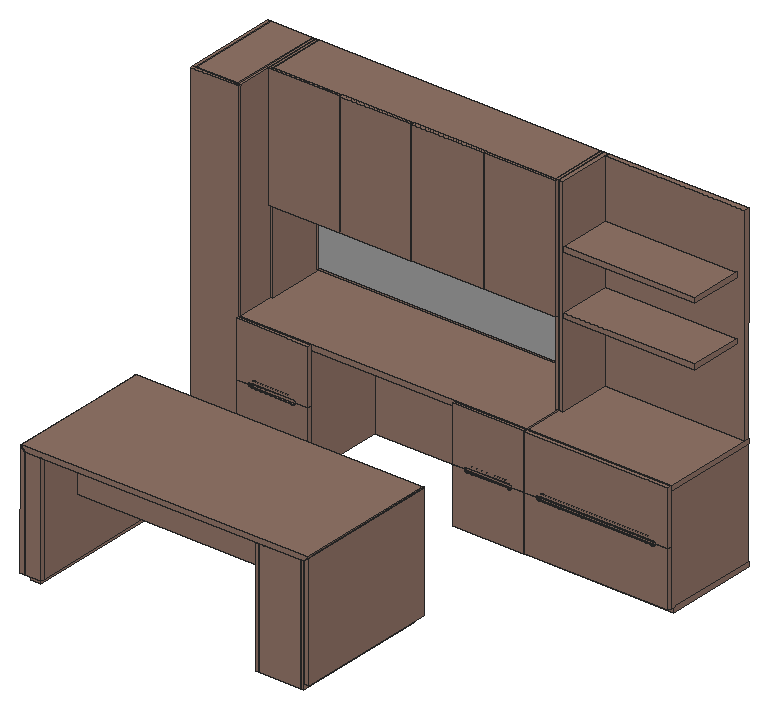
Revit family "OFS TYPICAL S100003", category Furniture, Revit 2022 (continued)
Definition of nested family "OFS SLATE HIGHBACK ORGANIZER"
  Dimensions and locks (in)
    locked: plane 15 to Extrusion 8 sketch curve at 0.125
    locked: plane 17 to Extrusion 8 sketch curve at 0.065
    Extrusion 9 sketch curve to plane 6 to Extrusion 9 sketch curve = 0' - 0.065" locked, 0' - 0.065" locked
    "Length 2": Extrusion 9 sketch curve to plane 6
    "Length 2": plane 6 to Extrusion 9 sketch curve
    aligned and locked: level to plane 2
    aligned and locked: plane 6 to nested 1
    aligned and locked: nested 1 to plane 5
    aligned and locked: plane 5 to Extrusion 1 sketch curve
    aligned and locked: Extrusion 1 sketch curve to plane 10
    aligned and locked: Extrusion 1 sketch curve to plane 9
    aligned and locked: Extrusion 2 sketch curve to plane 9
    aligned and locked: Extrusion 2 sketch curve to plane 10
    aligned and locked: plane 5 to Extrusion 2 sketch curve
    aligned and locked: plane 3 "Center (Left/Right)" to Extrusion 3 sketch curve
    aligned and locked: plane 8 to Extrusion 3 sketch curve
    aligned and locked: plane 7 to Extrusion 3 sketch curve
    aligned and locked: Extrusion 3 sketch curve to plane 7
    aligned and locked: plane 4 to Extrusion 3 sketch curve
    aligned and locked: Extrusion 3 sketch curve to plane 8
    aligned and locked: Extrusion 3 to plane 5
    aligned and locked: Extrusion 4 sketch curve to plane 12
    aligned and locked: Extrusion 4 sketch curve to plane 9
    aligned and locked: Extrusion 4 to Extrusion 3
    aligned and locked: plane 10 to Extrusion 5 sketch curve
    aligned and locked: plane 11 to Extrusion 5 sketch curve
    aligned and locked: Extrusion 5 to Extrusion 3
    aligned and locked: plane 9 to Extrusion 6 sketch curve
    aligned and locked: plane 8 to Extrusion 6 sketch curve
    aligned and locked: Extrusion 6 to Extrusion 3
    aligned and locked: Masking region 1 sketch curve to Extrusion 3  (x4)
    aligned and locked: plane 11 to Extrusion 7 sketch curve
    aligned and locked: plane 8 to Extrusion 7 sketch curve
    aligned and locked: Extrusion 7 sketch curve to plane 11
    aligned and locked: Extrusion 7 sketch curve to plane 8
    aligned and locked: plane 8 to Extrusion 8 sketch curve
    aligned and locked: plane 11 to Extrusion 8 sketch curve
    aligned and locked: Extrusion 8 sketch curve to plane 11
    aligned and locked: Extrusion 8 sketch curve to plane 8
    aligned and locked: plane 8 to Extrusion 9 sketch curve
    aligned and locked: Extrusion 9 sketch curve to plane 8
    aligned and locked: plane 11 to Extrusion 9 sketch curve
    aligned and locked: Extrusion 9 sketch curve to plane 11
  Automatic sketch dimensions
    plane 1 "Center (Front/Back)" to Extrusion 1 sketch curve = 0' - 0 3/4"
    Extrusion 2 sketch curve to plane 1 "Center (Front/Back)" = 0' - 0 3/4"
    Extrusion 4 sketch curve to Extrusion 3 = 0' - 0"
    Extrusion 3 to Extrusion 4 sketch curve = 0' - 0 3/4"
    Extrusion 5 sketch curve to Extrusion 3 = 0' - 0"
    Extrusion 3 to Extrusion 5 sketch curve = 0' - 0 3/4"
    Extrusion 6 sketch curve to Extrusion 3 = 0' - 0"  (x2)
  Nested families (in)
    nested 1: "Tag" at (30, -14.25, 0), type "Center", detail levels fine
      with Offset (LR) 0' - 0"
  Definition of nested family "Tag"
    Parameters
      P_Width = 0' - 0"
      Text_Width = "Empty"
      Text_Height = "Empty"
      Text_Diameter = "Empty"
      Text_Depth = "Empty"
      Offset (LR) [instance] = 0' - 0"
      Model Name = "Type Catalog"
      P_Height = 0' - 0"
      Distance of Center (not Change) = 0' - 0.1"
      P_Diameter = 0' - 0"
      P_Depth = 0' - 0"
    Reference planes (in)
      plane 1: y = 0
      plane 2: x = 0
    Lines and regions (in)
      reference lines
        curve 1: line (-0.44359, 0.1, 0) -> (0.41085, 0.1, 0)
        curve 3: line (0, 0.42564, 0) -> (0, -0.30221, 0)
      reference lines, not visible
        curve 2: line (-0.44359, 0.09843, 0) -> (0.41085, 0.09843, 0)
        curve 4: line (0, 0.42407, 0) -> (0, -0.30379, 0)
    Text (in)
      label "Empty" at (0.00197, 0.0921, 0), shows "Model Name"
      label "Empty" at (0.00197, 0.09052, 0), shows "Model Name", not visible
    Dimensions and locks (in)
      "Distance of Center (not Change)": plane 1 to curve 1
      "Offset (LR)": curve 3 to plane 2
    Automatic sketch dimensions
      curve 1 to curve 3 = 0' - 0.44359"
      curve 3 to curve 1 = 0' - 0.41085"
      curve 3 to curve 1 = 0' - 0.40221"
      curve 1 to curve 3 = 0' - 0.32564"
      curve 2 to curve 4 = 0' - 0.44359"
      curve 4 to curve 2 = 0' - 0.41085"
      curve 4 to curve 2 = 0' - 0.40221"
      curve 2 to curve 4 = 0' - 0.32564"
Definition of nested family "OFS SLATE DESKS"
  Parameters (values of type "Partial Modesty Table Desk - 78"W x 36"D")
    Width = 6' - 6"
    URL = "http://www.ofs.com/"
    Type = 5
    Right = no
    Partial Modesty = or(Left, Type = 5)  # yes
    Panel [instance] = none
    Model = "CA-A7836TD"
    Mid Panel [instance] = none
    Manufacturer = "CAROLINA"
    Left = no
    Glides [instance] = none
    Full Modesty = or(Type = 1, Type = 2, Type = 6)  # no
    Drawers [instance] = none
    Doors [instance] = none
    Description = "OFS SLATE Overlay Table Desk, Panel Bases, Partial Modesty, 78W x 36D x 30.5H, Slate Private Office"
    Depth = 3' - 0"
    Default Elevation = 0' - 0"
    Copyright © = "© 2019 OFS"
    Catalog = "https://ofs.com/products/casegoods/private-office/slate"
    Case [instance] = none
    Back Panel [instance] = none
    Authoring Version = "Autodesk Revit Architecture 2014"
    Assembly Code = "E2020200"
  Types (40): name | Width | Type | Right | Partial Modesty | Model | Left | Full Modesty | Description | Depth
    Full Modesty Adjustable Table Desk - 78"W x 36"D | 6' - 6" | 6 | no | no | "CA-A7836DHA" | no | yes | "OFS SLATE Overlay Table Desk, Panel Bases, Full Modesty - Height Adjustable, 78W x 36D x 30.5H, Slate Private Office" | 3' - 0"
    Full Modesty Adjustable Table Desk - 72"W x 36"D | 6' - 0" | 6 | no | no | "CA-A7236DHA" | no | yes | "OFS SLATE Overlay Table Desk, Panel Bases, Full Modesty - Height Adjustable, 72W x 36D x 30.5H, Slate Private Office" | 3' - 0"
    Full Modesty Adjustable Table Desk - 72"W x 30"D | 6' - 0" | 6 | no | no | "CA-A7230DHA" | no | yes | "OFS SLATE Overlay Table Desk, Panel Bases, Full Modesty - Height Adjustable, 72W x 30D x 30.5H, Slate Private Office" | 2' - 6"
    Full Modesty Adjustable Table Desk - 66"W x 30"D | 5' - 6" | 6 | no | no | "CA-A6630DHA" | no | yes | "OFS SLATE Overlay Table Desk, Panel Bases, Full Modesty - Height Adjustable, 66W x 30D x 30.5H, Slate Private Office" | 2' - 6"
    Full Modesty Adjustable Table Desk - 60"W x 30"D | 5' - 0" | 6 | no | no | "CA-A6030DHA" | no | yes | "OFS SLATE Overlay Table Desk, Panel Bases, Full Modesty - Height Adjustable, 60W x 30D x 30.5H, Slate Private Office" | 2' - 6"
    Partial Modesty Table Desk - 78"W x 36"D | 6' - 6" | 5 | no | yes | "CA-A7836TD" | no | no | "OFS SLATE Overlay Table Desk, Panel Bases, Partial Modesty, 78W x 36D x 30.5H, Slate Private Office" | 3' - 0"
    Partial Modesty Table Desk - 72"W x 36"D | 6' - 0" | 5 | no | yes | "CA-A7236TD" | no | no | "OFS SLATE Overlay Table Desk, Panel Bases, Partial Modesty, 72W x 36D x 30.5H, Slate Private Office" | 3' - 0"
    Partial Modesty Table Desk - 72"W x 30"D | 6' - 0" | 5 | no | yes | "CA-A7230TD" | no | no | "OFS SLATE Overlay Table Desk, Panel Bases, Partial Modesty, 72W x 30D x 30.5H, Slate Private Office" | 2' - 6"
    Partial Modesty Table Desk - 66"W x 30"D | 5' - 6" | 5 | no | yes | "CA-A6630TD" | no | no | "OFS SLATE Overlay Table Desk, Panel Bases, Partial Modesty, 66W x 30D x 30.5H, Slate Private Office" | 2' - 6"
    Partial Modesty Table Desk - 60"W x 30"D | 5' - 0" | 5 | no | yes | "CA-A6030TD" | no | no | "OFS SLATE Overlay Table Desk, Panel Bases, Partial Modesty, 60W x 30D x 30.5H, Slate Private Office" | 2' - 6"
    Partial Modesty Center Pull Left - 78"W x 36"D | 6' - 6" | 4 | no | yes | "CA-A7836TDLPD-2" | yes | no | "OFS SLATE Overlay Single Pedestal Desk, Panel Base, Partial Modesty Integrated Center Pull Left, 78W x 36D x 30.5H, Slate Private Office" | 3' - 0"
    Partial Modesty Center Pull Left - 72"W x 36"D | 6' - 0" | 4 | no | yes | "CA-A7236TDLPD-2" | yes | no | "OFS SLATE Overlay Single Pedestal Desk, Panel Base, Partial Modesty Integrated Center Pull Left, 72W x 36D x 30.5H, Slate Private Office" | 3' - 0"
    Partial Modesty Center Pull Left - 72"W x 30"D | 6' - 0" | 4 | no | yes | "CA-A7230TDLPD-2" | yes | no | "OFS SLATE Overlay Single Pedestal Desk, Panel Base, Partial Modesty Integrated Center Pull Left, 72W x 30D x 30.5H, Slate Private Office" | 2' - 6"
    Partial Modesty Center Pull Left - 66"W x 30"D | 5' - 6" | 4 | no | yes | "CA-A6630TDLPD-2" | yes | no | "OFS SLATE Overlay Single Pedestal Desk, Panel Base, Partial Modesty Integrated Center Pull Left, 66W x 30D x 30.5H, Slate Private Office" | 2' - 6"
    Partial Modesty Center Pull Left - 60"W x 30"D | 5' - 0" | 4 | no | yes | "CA-A6030TDLPD-2" | yes | no | "OFS SLATE Overlay Single Pedestal Desk, Panel Base, Partial Modesty Integrated Center Pull Left, 60W x 30D x 30.5H, Slate Private Office" | 2' - 6"
    Partial Modesty Center Pull Right - 78"W x 36"D | 6' - 6" | 4 | yes | no | "CA-A7836TDRPD-2" | no | no | "OFS SLATE Overlay Single Pedestal Desk, Panel Base, Partial Modesty Integrated Center Pull Right, 78W x 36D x 30.5H, Slate Private Office" | 3' - 0"
    Partial Modesty Center Pull Right - 72"W x 36"D | 6' - 0" | 4 | yes | no | "CA-A7236TDRPD-2" | no | no | "OFS SLATE Overlay Single Pedestal Desk, Panel Base, Partial Modesty Integrated Center Pull Right, 72W x 36D x 30.5H, Slate Private Office" | 3' - 0"
    Partial Modesty Center Pull Right - 72"W x 30"D | 6' - 0" | 4 | yes | no | "CA-A7230TDRPD-2" | no | no | "OFS SLATE Overlay Single Pedestal Desk, Panel Base, Partial Modesty Integrated Center Pull Right, 72W x 30D x 30.5H, Slate Private Office" | 2' - 6"
    Partial Modesty Center Pull Right - 66"W x 30"D | 5' - 6" | 4 | yes | no | "CA-A6630TDRPD-2" | no | no | "OFS SLATE Overlay Single Pedestal Desk, Panel Base, Partial Modesty Integrated Center Pull Right, 66W x 30D x 30.5H, Slate Private Office" | 2' - 6"
    Partial Modesty Center Pull Right - 60"W x 30"D | 5' - 0" | 4 | yes | no | "CA-A6030TDRPD-2" | no | no | "OFS SLATE Overlay Single Pedestal Desk, Panel Base, Partial Modesty Integrated Center Pull Right, 60W x 30D x 30.5H, Slate Private Office" | 2' - 6"
    Partial Modesty Side Pull Left - 78"W x 36"D | 6' - 6" | 3 | no | yes | "CA-A7836TDLPD-1" | yes | no | "OFS SLATE Overlay Single Pedestal Desk, Panel Base, Partial Modesty Integrated Side Pull Left, 78W x 36D x 30.5H, Slate Private Office" | 3' - 0"
    Partial Modesty Side Pull Left - 72"W x 36"D | 6' - 0" | 3 | no | yes | "CA-A7236TDLPD-1" | yes | no | "OFS SLATE Overlay Single Pedestal Desk, Panel Base, Partial Modesty Integrated Side Pull Left, 72W x 36D x 30.5H, Slate Private Office" | 3' - 0"
    Partial Modesty Side Pull Left - 72"W x 30"D | 6' - 0" | 3 | no | yes | "CA-A7230TDLPD-1" | yes | no | "OFS SLATE Overlay Single Pedestal Desk, Panel Base, Partial Modesty Integrated Side Pull Left, 72W x 30D x 30.5H, Slate Private Office" | 2' - 6"
    Partial Modesty Side Pull Left - 66"W x 30"D | 5' - 6" | 3 | no | yes | "CA-A6630TDLPD-1" | yes | no | "OFS SLATE Overlay Single Pedestal Desk, Panel Base, Partial Modesty Integrated Side Pull Left, 66W x 30D x 30.5H, Slate Private Office" | 2' - 6"
    Partial Modesty Side Pull Left - 60"W x 30"D | 5' - 0" | 3 | no | yes | "CA-A6030TDLPD-1" | yes | no | "OFS SLATE Overlay Single Pedestal Desk, Panel Base, Partial Modesty Integrated Side Pull Left, 60W x 30D x 30.5H, Slate Private Office" | 2' - 6"
    Partial Modesty Side Pull Right - 78"W x 36"D | 6' - 6" | 3 | yes | no | "CA-A7836TDRPD-1" | no | no | "OFS SLATE Overlay Single Pedestal Desk, Panel Base, Partial Modesty Integrated Side Pull Right, 78W x 36D x 30.5H, Slate Private Office" | 3' - 0"
    Partial Modesty Side Pull Right - 72"W x 36"D | 6' - 0" | 3 | yes | no | "CA-A7236TDRPD-1" | no | no | "OFS SLATE Overlay Single Pedestal Desk, Panel Base, Partial Modesty Integrated Side Pull Right, 72W x 36D x 30.5H, Slate Private Office" | 3' - 0"
    Partial Modesty Side Pull Right - 72"W x 30"D | 6' - 0" | 3 | yes | no | "CA-A7230TDRPD-1" | no | no | "OFS SLATE Overlay Single Pedestal Desk, Panel Base, Partial Modesty Integrated Side Pull Right, 72W x 30D x 30.5H, Slate Private Office" | 2' - 6"
    Partial Modesty Side Pull Right - 66"W x 30"D | 5' - 6" | 3 | yes | no | "CA-A6630TDRPD-1" | no | no | "OFS SLATE Overlay Single Pedestal Desk, Panel Base, Partial Modesty Integrated Side Pull Right, 66W x 30D x 30.5H, Slate Private Office" | 2' - 6"
    Partial Modesty Side Pull Right - 60"W x 30"D | 5' - 0" | 3 | yes | no | "CA-A6030TDRPD-1" | no | no | "OFS SLATE Overlay Single Pedestal Desk, Panel Base, Partial Modesty Integrated Side Pull Right, 60W x 30D x 30.5H, Slate Private Office" | 2' - 6"
    Full Modesty Center Pull - 78"W x 36"D | 6' - 6" | 2 | no | no | "CA-A7836DP-2" | no | yes | "OFS SLATE Overlay Double Pedestal Desk, Full Modesty Integrated Center Pull, 78W x 36D x 30.5H, Slate Private Office" | 3' - 0"
    Full Modesty Center Pull - 72"W x 36"D | 6' - 0" | 2 | no | no | "CA-A7236DP-2" | no | yes | "OFS SLATE Overlay Double Pedestal Desk, Full Modesty Integrated Center Pull, 72W x 36D x 30.5H, Slate Private Office" | 3' - 0"
    Full Modesty Center Pull - 72"W x 30"D | 6' - 0" | 2 | no | no | "CA-A7230DP-2" | no | yes | "OFS SLATE Overlay Double Pedestal Desk, Full Modesty Integrated Center Pull, 72W x 30D x 30.5H, Slate Private Office" | 2' - 6"
    Full Modesty Center Pull - 66"W x 30"D | 5' - 6" | 2 | no | no | "CA-A6630DP-2" | no | yes | "OFS SLATE Overlay Double Pedestal Desk, Full Modesty Integrated Center Pull, 66W x 30D x 30.5H, Slate Private Office" | 2' - 6"
    Full Modesty Center Pull - 60"W x 30"D | 5' - 0" | 2 | no | no | "CA-A6030DP-2" | no | yes | "OFS SLATE Overlay Double Pedestal Desk, Full Modesty Integrated Center Pull, 60W x 30D x 30.5H, Slate Private Office" | 2' - 6"
    Full Modesty Side Pull - 78"W x 36"D | 6' - 6" | 1 | no | no | "CA-A7836DP-1" | no | yes | "OFS SLATE Overlay Double Pedestal Desk, Full Modesty Integrated Side Pull, 78W x 36D x 30.5H, Slate Private Office" | 3' - 0"
    Full Modesty Side Pull - 72"W x 36"D | 6' - 0" | 1 | no | no | "CA-A7236DP-1" | no | yes | "OFS SLATE Overlay Double Pedestal Desk, Full Modesty Integrated Side Pull, 72W x 36D x 30.5H, Slate Private Office" | 3' - 0"
    Full Modesty Side Pull - 72"W x 30"D | 6' - 0" | 1 | no | no | "CA-A7230DP-1" | no | yes | "OFS SLATE Overlay Double Pedestal Desk, Full Modesty Integrated Side Pull, 72W x 30D x 30.5H, Slate Private Office" | 2' - 6"
    Full Modesty Side Pull - 66"W x 30"D | 5' - 6" | 1 | no | no | "CA-A6630DP-1" | no | yes | "OFS SLATE Overlay Double Pedestal Desk, Full Modesty Integrated Side Pull, 66W x 30D x 30.5H, Slate Private Office" | 2' - 6"
    Full Modesty Side Pull - 60"W x 30"D | 5' - 0" | 1 | no | no | "CA-A6030DP-1" | no | yes | "OFS SLATE Overlay Double Pedestal Desk, Full Modesty Integrated Side Pull, 60W x 30D x 30.5H, Slate Private Office" | 2' - 6"
  Reference planes (in)
    plane 1 "Center (Front/Back)": y = 0
    plane 2: z = 0
    plane 3 "Center (Left/Right)": x = 0
    plane 4: y = -36
  Lines and regions (in)
    reference lines, visible <- "Right"
      curve 1: line (78, 0, 0) -> (78, -36, 0)
    reference lines, visible <- "Left"
      curve 2: line (-78, 0, 0) -> (-78, -36, 0)
    reference lines
      curve 3: line (39, 0, 0) -> (39, -36, 0)
      curve 4: line (-39, 0, 0) -> (-39, -36, 0)
  Dimensions and locks (in)
    "Depth": plane 1 "Center (Front/Back)" to plane 4
    equal spacing: curve 2, curve 4, plane 3 "Center (Left/Right)"
    "Width": curve 2 to plane 3 "Center (Left/Right)"
    equal spacing: plane 3 "Center (Left/Right)", curve 3, curve 1
    "Width": plane 3 "Center (Left/Right)" to curve 1
    aligned and locked: level to plane 2
    aligned and locked: plane 4 to nested 1
    aligned and locked: curve 3 to nested 1
    aligned and locked: nested 3 to plane 4
    aligned and locked: curve 4 to nested 3
    aligned and locked: curve 3 to nested 6
    aligned and locked: plane 4 to nested 6
  Automatic sketch dimensions
    plane 4 to curve 1 = 0' - 0"
    curve 3 to plane 4 = 0' - 0"
    curve 2 to plane 4 = 0' - 0"
    curve 4 to plane 4 = 0' - 0"
    plane 1 "Center (Front/Back)" to curve 3 = 0' - 0"
    curve 4 to plane 1 "Center (Front/Back)" = 0' - 0"
    curve 2 to plane 1 "Center (Front/Back)" = 0' - 0"
    plane 1 "Center (Front/Back)" to curve 1 = 0' - 0"
  Nested families (in)
    nested 1: "Tag" at (39, -36, 0) x (-1, 0, 0) z (0, 0, 1), visible <- "Right", type "Center", detail levels fine
      with Offset (LR) 0' - 0"
    nested 2: "OFS_Slate Private Office_Desks Partial Modesty" at (0, 0, 0), Panel <- "Panel", Drawers <- "Drawers", Mid Panel <- "Mid Panel", Glides <- "Glides", Case <- "Case", visible <- "Right", Doors <- "Doors", type "OFS_Slate Private Office_Desks Partial Modesty"
      with Panel none, Mid Panel none, Glides none, Drawers none, Doors none, Case none, Width 6' - 6", Type 5, Length 1' - 3", Depth 3' - 0"
    nested 3: "Tag" at (-39, -36, 0), visible <- "Partial Modesty", type "Center", detail levels fine
      with Offset (LR) 0' - 0"
    nested 4: "OFS_Slate Private Office_Desks Partial Modesty" at (0, 0, 0) x (-1, 0, 0) z (0, 0, 1), Panel <- "Panel", Drawers <- "Drawers", Mid Panel <- "Mid Panel", Glides <- "Glides", Case <- "Case", visible <- "Partial Modesty", Doors <- "Doors", type "OFS_Slate Private Office_Desks Partial Modesty"
      with Panel none, Mid Panel none, Glides none, Drawers none, Doors none, Case none, Width 6' - 6", Type 5, Length 1' - 3", Depth 3' - 0"
    nested 5: "OFS_Slate Private Office_Desks Full Modesty" at (0, 0, 0), Panel <- "Panel", Drawers <- "Drawers", Doors <- "Doors", Back Panel <- "Back Panel", Glides <- "Glides", Case <- "Case", visible <- "Full Modesty", type "OFS_Slate Private Office_Desks Full Modesty"
      with Panel none, Glides none, Drawers none, Doors none, Case none, Back Panel none, Width 6' - 6", Type 1 no, Type 5, Length 1' - 3", Door no, Depth 3' - 0"
    nested 6: "Tag" at (39, -36, 0) x (-1, 0, 0) z (0, 0, 1), visible <- "Full Modesty", type "Center", detail levels fine
      with Offset (LR) 0' - 0"
  Definition of nested family "OFS_Slate Private Office_Desks Partial Modesty"
    Parameters
      Width = 5' - 0"
      URL = "http://www.ofsbrands.com/"
      Type 3 = or(Type = 3, Type = 4, Type = 5)  # yes
      Type = 3
      Right = no
      Panel [instance] = none
      Model = "Type Catalog"
      Length = if(Type = 3, 1' 0", 1' 3")  # 1' - 0"
      Left = no
      Drawers [instance] = none
      Mid Panel [instance] = none
      Manufacturer = "OFS BRANDS"  # constant formula
      Glides [instance] = none
      Drawer = Type = 4  # no
      Doors [instance] = none
      Door = or(Type = 3, Type = 5)  # yes
      Description = "Type Catalog"
      Depth = 2' - 6"
      Default Elevation = 0' - 0"
      Copyright © = "© 2016 OFS BRANDS"  # constant formula
      Catalog = "OFS"  # constant formula
      Case [instance] = none
      Authoring Version = "Autodesk Revit Architecture 2014"  # constant formula
      Assembly Code = "E2020200"
    Reference planes (in)
      plane 1 "Center (Front/Back)": y = 0
      plane 2: z = 0
      plane 3 "Center (Left/Right)": x = 0
      plane 4: x = 60
      plane 5: x = 30
      plane 6: y = -0.75
      plane 7: y = -1.37544
      plane 8: y = -26.5625
      plane 9: y = -28.3125
      plane 10: y = -27.5625
      plane 11: y = -29.1875
      plane 12: y = -30
      plane 13: x = 1.0625
      plane 14: x = 1.1875
      plane 15: x = 4.4375
      plane 16: x = 5.1875
      plane 17: x = 58.9375
      plane 18: x = 58.8125
      plane 19: x = 47.5625
      plane 20: x = 46.8125
      plane 21: z = 0.45
      plane 22: z = 1.7
      plane 23: z = 1.95
      plane 24: z = 15.35625
      plane 25: z = 15.48125
      plane 26: z = 30.3875
      plane 27: z = 29.325
      plane 28: z = 29.1375
      plane 29: z = 29.2
      plane 30: y = -27.04895
      plane 31: x = 1.9375
      plane 32: x = 58.0625
      plane 33: x = 52.8125
      plane 34: y = -2.01355
      plane 35: y = -27.92395
      plane 36: x = 46.875
      plane 37: x = 58.75
    Forms (in)
      Revolve 1, solid, material <- "Glides", visible <- "Type 3"
        sketch origin (64.48096, -1.37544, 47.24409) x (1, 0, 0) y (0, 0, 1)
          loop
            line (-7.05936, -46.79409) -> (-7.05936, -47.24409) -> (-6.80936, -47.24409)
            arc (-6.80936, -47.24409) -> (-6.68166, -47.13447) -> (-6.77068, -46.99165) r 0.12918
            line (-6.77068, -46.99165) -> (-6.80936, -46.99165) -> (-6.80936, -46.79409) -> (-7.05936, -46.79409)
          axis (-7.05936, -46.79409) -> (-7.05936, -47.24409)
        angle from 0 to 360
      Revolve 2, solid, material <- "Glides", visible <- "Type 3"
        sketch origin (64.48096, -1.37544, 47.24409) x (1, 0, 0) y (0, 0, 1)
          loop
            line (-16.27755, -46.79409) -> (-16.27755, -47.24409) -> (-16.02755, -47.24409)
            arc (-16.02755, -47.24409) -> (-15.89986, -47.13447) -> (-15.98888, -46.99165) r 0.12918
            line (-15.98888, -46.99165) -> (-16.02755, -46.99165) -> (-16.02755, -46.79409) -> (-16.27755, -46.79409)
          axis (-16.27755, -46.79409) -> (-16.27755, -47.24409)
        angle from 0 to 360
      Revolve 3, solid, material <- "Glides", visible <- "Type 3"
        sketch origin (-3.76383, -27.04895, 47.24409) x (-1, 0, 0) y (0, 0, 1)
          loop
            line (-60.08558, -46.79409) -> (-60.33558, -46.79409) -> (-60.33558, -46.99165) -> (-60.37426, -46.99165)
            arc (-60.37426, -46.99165) -> (-60.46328, -47.13447) -> (-60.33558, -47.24409) r 0.12918
            line (-60.33558, -47.24409) -> (-60.08558, -47.24409) -> (-60.08558, -46.79409)
          axis (-60.08558, -46.79409) -> (-60.08558, -47.24409)
        angle from 0 to 360
      Revolve 4, solid, material <- "Glides", visible <- "Type 3"
        sketch origin (-3.76383, -27.04895, 47.24409) x (-1, 0, 0) y (0, 0, 1)
          loop
            line (-53.08831, -46.79409) -> (-53.33831, -46.79409) -> (-53.33831, -46.99165) -> (-53.37699, -46.99165)
            arc (-53.37699, -46.99165) -> (-53.46601, -47.13447) -> (-53.33831, -47.24409) r 0.12918
            line (-53.33831, -47.24409) -> (-53.08831, -47.24409) -> (-53.08831, -46.79409)
          axis (-53.08831, -46.79409) -> (-53.08831, -47.24409)
        angle from 0 to 360
      Extrusion 5, solid, material <- "Case", visible <- "Type 3"
        sketch origin (-20.71864, -60, 0.45) x (-1, 0, 0) y (0, -1, 0)
          loop
            line (-78.78114, -59.25) -> (-77.28114, -59.25) -> (-77.28114, -58.6875) -> (-78.78114, -58.6875) -> (-78.78114, -59.25)
          loop
            line (-69.78114, -59.25) -> (-68.28114, -59.25) -> (-68.28114, -58.6875) -> (-69.78114, -58.6875) -> (-69.78114, -59.25)
        from 0 to 1.5
      Extrusion 6, solid, material <- "Case", visible <- "Type 3"
        sketch origin (52.8125, -34.55325, 47.24409) x (0, -1, 0) y (0, 0, -1)
          loop
            line (-6.99075, 46.79409) -> (-7.99075, 46.79409) -> (-7.99075, 45.29409) -> (-6.99075, 45.29409) -> (-6.99075, 46.79409)
        from -6 to 6
      Sweep 7, solid, material <- "Case", visible <- "Type 3"
        path origin (80.71864, -60, 0.45) x (1, 0, 0) y (0, 1, 0)
          loop
            line (-21.90614, 60) -> (-21.90614, 31.6875) -> (-33.90614, 31.6875) -> (-33.90614, 60)
        profile origin (52.8125, -28.3125, 0.45) x (0, -1, 0) y (0, 0, 1)
          loop
            line (0, 0) -> (0, 1.25) -> (-0.75, 1.25) -> (-0.75, 0) -> (0, 0)
      Extrusion 8, solid, material <- "Case", visible <- "Type 3"
        sketch origin (70.11422, -60, 1.7) x (0, -1, 0) y (-1, 0, 0)
          loop
            line (-60, 23.30172) -> (-60, 22.55172) -> (-30.8125, 22.55172) -> (-30.8125, 23.30172) -> (-60, 23.30172)
          loop
            line (-60, 12.05172) -> (-60, 11.30172) -> (-30.8125, 11.30172) -> (-30.8125, 12.05172) -> (-60, 12.05172)
        from 0 to -27.5
      Extrusion 9, solid, material <- "Drawers", visible <- "Drawer"
        sketch origin (52.8125, -34.55325, 47.24409) x (0, -1, 0) y (0, 0, -1)
          loop
            line (-4.61575, 18.10659) -> (-4.61575, 31.76284) -> (-5.36575, 31.76284) -> (-5.36575, 18.10659) -> (-4.61575, 18.10659)
          loop
            line (-4.61575, 45.5441) -> (-5.36575, 45.5441) -> (-5.36575, 31.88784) -> (-4.61575, 31.88784) -> (-4.61575, 45.5441)
        from -5.9375 to 5.9375
      Sweep 10, void
        path origin (-3.76383, -30, 47.24409) x (-1, 0, 0) y (0, 0, 1)
          loop
            line (-52.69893, -31.01358) -> (-60.45374, -31.01358)
            arc (-60.45374, -31.01358) -> (-61.2655, -31.82534) -> (-60.45374, -32.63711) r 0.81176
            line (-60.45374, -32.63711) -> (-52.69893, -32.63711)
            arc (-52.69893, -32.63711) -> (-51.88716, -31.82534) -> (-52.69893, -31.01358) r 0.81176
        profile origin (52.8125, -30, 16.23051) x (0, 0, -1) y (0, 1, 0)
          loop
            line (0.74926, 0) -> (0.74926, 0.65612) -> (0.23272, 0.65612)
            arc (0.23272, 0.65612) -> (0.00234, 0.45139) -> (0.17857, 0.19855) r 0.23199
            arc (0.17857, 0.19855) -> (0.22947, 0.16597) -> (0.24927, 0.10888) r 0.09222
            line (0.24927, 0.10888) -> (0.24927, 0) -> (0.74926, 0)
      Extrusion 11, solid, material <- "Panel", visible <- "Type 3"
        sketch origin (-3.76383, -30, 47.24409) x (-1, 0, 0) y (0, 0, 1)
          loop
            line (-3.76383, -45.5441) -> (-3.76383, -17.15837)
            arc (-3.76383, -17.15837) -> (-3.841, -17.04289) -> (-3.97722, -17.06998) r 0.125
            line (-3.97722, -17.06998) -> (-4.95133, -18.04409) -> (-4.95133, -45.5441) -> (-3.76383, -45.5441)
          loop
            line (-63.76383, -45.5441) -> (-62.57633, -45.5441) -> (-62.57633, -18.04409) -> (-63.55045, -17.06998)
            arc (-63.55045, -17.06998) -> (-63.68667, -17.04289) -> (-63.76383, -17.15837) r 0.125
            line (-63.76383, -17.15837) -> (-63.76383, -45.5441)
        from 0 to 30
      Extrusion 12, solid, material <- "Panel", visible <- "Type 3"
        sketch origin (-3.76383, -30, 47.24409) x (-1, 0, 0) y (0, 0, 1)
          loop
            line (-62.57633, -18.04409) -> (-4.95133, -18.04409) -> (-3.97722, -17.06998)
            arc (-3.97722, -17.06998) -> (-3.95013, -16.93376) -> (-4.06561, -16.85659) r 0.125
            line (-4.06561, -16.85659) -> (-63.46206, -16.85659)
            arc (-63.46206, -16.85659) -> (-63.57754, -16.93376) -> (-63.55044, -17.06998) r 0.125
            line (-63.55044, -17.06998) -> (-62.57633, -18.04409)
        from 0 to 30
      Extrusion 13, solid, material <- "Mid Panel", visible <- "Type 3"
        sketch origin (5.1875, -34.55325, 47.24409) x (0, -1, 0) y (0, 0, 1)
          loop
            line (-23.36575, -31.04409) -> (-22.61575, -31.04409) -> (-22.61575, -18.04409) -> (-23.36575, -18.04409) -> (-23.36575, -31.04409)
        from 0 to -41.625
      Revolve 14, solid, material <- "Glides", visible <- "Type 3"
        sketch origin (-1.6269, -2.01355, 47.24409) x (-1, 0, 0) y (0, 0, 1)
          loop
            line (-4.8144, -46.79409) -> (-5.0644, -46.79409) -> (-5.0644, -46.99165) -> (-5.10308, -46.99165)
            arc (-5.10308, -46.99165) -> (-5.1921, -47.13447) -> (-5.0644, -47.24409) r 0.12918
            line (-5.0644, -47.24409) -> (-4.8144, -47.24409) -> (-4.8144, -46.79409)
          axis (-4.8144, -46.79409) -> (-4.8144, -47.24409)
        angle from 0 to 360
      Revolve 15, solid, material <- "Glides", visible <- "Type 3"
        sketch origin (2.8144, -27.92395, 47.24409) x (-1, 0, 0) y (0, 0, 1)
          loop
            line (-0.3731, -46.79409) -> (-0.6231, -46.79409) -> (-0.6231, -46.99165) -> (-0.66177, -46.99165)
            arc (-0.66177, -46.99165) -> (-0.75079, -47.13447) -> (-0.6231, -47.24409) r 0.12918
            line (-0.6231, -47.24409) -> (-0.3731, -47.24409) -> (-0.3731, -46.79409)
          axis (-0.3731, -46.79409) -> (-0.3731, -47.24409)
        angle from 0 to 360
      Extrusion 16, solid, material <- "Case", visible <- "Type 3"
        sketch origin (-20.71864, -60, 0.45) x (-1, 0, 0) y (0, -1, 0)
          loop
            line (-22.65614, -59.25) -> (-22.65614, -30.8125) -> (-25.15614, -30.8125) -> (-25.15614, -59.25) -> (-22.65614, -59.25)
        from 0 to 1.25
      Extrusion 17, solid, material <- "Case", visible <- "Type 3"
        sketch origin (70.11422, -60, 1.7) x (0, -1, 0) y (-1, 0, 0)
          loop
            line (-59.25, 68.92672) -> (-59.25, 68.17672) -> (-30.8125, 68.17672) -> (-30.8125, 68.92672) -> (-59.25, 68.92672)
          loop
            line (-59.25, 65.67672) -> (-59.25, 64.92672) -> (-30.8125, 64.92672) -> (-30.8125, 65.67672) -> (-59.25, 65.67672)
        from 0 to -27.5
      Extrusion 18, solid, material <- "Case", visible <- "Type 3"
        sketch origin (70.11422, -60, 1.7) x (0, -1, 0) y (-1, 0, 0)
          loop
            line (-60, 68.92672) -> (-60, 64.92672) -> (-59.25, 64.92672) -> (-59.25, 65.67672) -> (-30.8125, 65.67672) -> (-30.8125, 64.92672) -> (-30.0625, 64.92672) -> (-30.0625, 68.92672) -> (-30.8125, 68.92672) -> (-30.8125, 68.17672) -> (-59.25, 68.17672) -> (-59.25, 68.92672) -> (-60, 68.92672)
        from 0 to -27.5
      Extrusion 19, solid, material <- "Case", visible <- "Type 3"
        sketch origin (-20.71864, -60, 0.45) x (-1, 0, 0) y (0, -1, 0)
          loop
            line (-68.28114, -60) -> (-68.28114, -59.25) -> (-78.78114, -59.25) -> (-78.78114, -60) -> (-68.28114, -60)
        from 0 to 28.75
      Extrusion 20, solid, material <- "Doors", visible <- "Door"
        sketch origin (52.8125, -34.55325, 47.24409) x (0, -1, 0) y (0, 0, -1)
          loop
            line (-5.36575, 18.10659) -> (-4.61575, 18.10659) -> (-4.61575, 45.5441) -> (-5.36575, 45.5441) -> (-5.36575, 18.10659)
        from -5.9375 to 5.9375
    Cuts and joins
      Sweep 10 cuts Extrusion 9
      joined: Revolve 1, Revolve 2, Revolve 3, Revolve 4
      joined: Sweep 7, Extrusion 8
    Lines and regions (in)
      Masking region 1, visible <- "Type 3"
        outline origin (70.11422, -60, 30.3875) x (0, -1, 0) y (1, 0, 0)
          loop
            line (-60, -70.11422) -> (-30, -70.11422) -> (-30, -10.11422) -> (-60, -10.11422) -> (-60, -70.11422)
      reference lines
        curve 1: line (60, -30, 0.45) -> (60, 0, 0.45)
    Dimensions and locks (in)
      "Width": plane 3 "Center (Left/Right)" to plane 4
      equal spacing: plane 3 "Center (Left/Right)", plane 5, plane 4
      plane 34 to plane 7 to plane 6 to plane 1 "Center (Front/Back)" = 0' - 0.63811" locked, 0' - 0.62544" locked, 0' - 0 3/4" locked
      Sweep 10 sketch curve to plane 33 to Sweep 10 sketch curve = 0' - 3.87741" locked, 0' - 3.87741" locked
      locked: Extrusion 11 sketch curve to plane 3 "Center (Left/Right)" at 0.125
      locked: plane 26 to Extrusion 11 sketch curve at 0.30178  (x2)
      locked: plane 4 to Extrusion 11 sketch curve at 0.125
      locked: Extrusion 12 sketch curve to plane 3 "Center (Left/Right)" at 0.30178
      locked: plane 4 to Extrusion 12 sketch curve at 0.30178
      plane 8 to plane 30 to plane 10 to plane 35 to plane 9 to plane 11 to plane 12 = 0' - 0.48645" locked, 0' - 0.51355" locked, 0' - 0.36145" locked, 0' - 0.38855" locked, 0' - 0 7/8" locked, 0' - 0 13/16" locked
      "Depth": plane 12 to plane 1 "Center (Front/Back)"
      plane 3 "Center (Left/Right)" to plane 13 to plane 14 to plane 31 to plane 15 to plane 16 = 0' - 1 1/16" locked, 0' - 0 1/8" locked, 0' - 0 3/4" locked, 0' - 2 1/2" locked, 0' - 0 3/4" locked
      plane 20 to plane 36 to plane 19 = 0' - 0 1/16" locked, 0' - 0 11/16" locked
      plane 32 to plane 37 to plane 18 to plane 17 to plane 4 = 0' - 0 11/16" locked, 0' - 0 1/16" locked, 0' - 0 1/8" locked, 0' - 1 1/16" locked
      "Length": plane 20 to plane 18
      equal spacing: plane 20, plane 33, plane 18
      locked: plane 13 to Extrusion 11 sketch curve (angle 45.00°)
      locked: Extrusion 11 sketch curve to plane 18 (angle 45.00°)
      aligned and locked: level to plane 2
      aligned and locked: plane 23 to Extrusion 5
      aligned and locked: plane 1 "Center (Front/Back)" to Sweep 7 sketch curve  (x2)
      aligned and locked: plane 20 to Sweep 7 sketch curve
      aligned and locked: Sweep 7 sketch curve to plane 18
      aligned and locked: Sweep 7 sketch curve to plane 9
      aligned and locked: Extrusion 8 sketch curve to Sweep 7  (x2)
      aligned and locked: plane 11 to Extrusion 8 sketch curve  (x2)
      aligned and locked: Extrusion 8 sketch curve to plane 19
      aligned and locked: plane 18 to Extrusion 8 sketch curve
      aligned and locked: Extrusion 8 to plane 29
      aligned and locked: Extrusion 11 sketch curve to plane 22  (x2)
      aligned and locked: plane 3 "Center (Left/Right)" to Extrusion 11 sketch curve
      aligned and locked: plane 29 to Extrusion 11 sketch curve  (x2)
      aligned and locked: Extrusion 11 sketch curve to plane 4
      aligned and locked: plane 18 to Extrusion 11 sketch curve
      aligned and locked: plane 29 to Extrusion 12 sketch curve
      aligned and locked: plane 26 to Extrusion 12 sketch curve
      aligned and locked: Extrusion 11 to Extrusion 12 sketch curve
      aligned and locked: plane 14 to Extrusion 12 sketch curve
      aligned and locked: Extrusion 12 sketch curve to Extrusion 11
      aligned and locked: Extrusion 12 to plane 1 "Center (Front/Back)"
      aligned and locked: Extrusion 11 to plane 1 "Center (Front/Back)"
      aligned and locked: plane 4 to curve 1
      aligned and locked: Extrusion 13 sketch curve to plane 29
      aligned and locked: plane 20 to Extrusion 13
      aligned and locked: Extrusion 16 sketch curve to plane 11
      aligned and locked: Extrusion 16 sketch curve to plane 15
      aligned and locked: Extrusion 16 to plane 22
      aligned and locked: plane 6 to Extrusion 17 sketch curve
      aligned and locked: plane 14 to Extrusion 17 sketch curve
      aligned and locked: Extrusion 16 to Extrusion 17 sketch curve
      aligned and locked: plane 11 to Extrusion 17 sketch curve
      aligned and locked: Extrusion 17 sketch curve to plane 16
      aligned and locked: Extrusion 18 sketch curve to plane 11
      aligned and locked: plane 11 to Extrusion 18 sketch curve
      aligned and locked: plane 31 to Extrusion 18 sketch curve
      aligned and locked: Extrusion 18 sketch curve to plane 15
      aligned and locked: plane 16 to Extrusion 18 sketch curve  (x2)
      aligned and locked: plane 14 to Extrusion 18 sketch curve
      aligned and locked: plane 6 to Extrusion 18 sketch curve  (x2)
      aligned and locked: plane 1 "Center (Front/Back)" to Extrusion 18 sketch curve
      aligned and locked: Extrusion 18 sketch curve to plane 14
      aligned and locked: Extrusion 18 to plane 29
      aligned and locked: Extrusion 17 to plane 29
      aligned and locked: Masking region 1 sketch curve to Extrusion 11  (x3)
      aligned and locked: Masking region 1 sketch curve to curve 1
      aligned and locked: cut or joined group of Sweep 7, Extrusion 8 to Extrusion 19 sketch curve
      aligned and locked: Extrusion 19 sketch curve to cut or joined group of Sweep 7, Extrusion 8
      aligned and locked: Extrusion 19 sketch curve to Extrusion 5  (x2)
      aligned and locked: Extrusion 19 to plane 29
      aligned and locked: plane 36 to cut or joined group of Extrusion 9, Sweep 10
      aligned and locked: plane 37 to cut or joined group of Extrusion 9, Sweep 10
      aligned and locked: Extrusion 20 sketch curve to cut or joined group of Extrusion 9, Sweep 10  (x2)
      aligned and locked: Extrusion 20 sketch curve to Extrusion 18
      aligned and locked: Extrusion 18 to Extrusion 20 sketch curve
      aligned and locked: plane 36 to Extrusion 20
      aligned and locked: plane 37 to Extrusion 20
    Automatic sketch dimensions
      Revolve 1 sketch curve to plane 21 = 0' - 0"
      Revolve 1 sketch curve to level = 0' - 0"  (x2)
      Revolve 1 sketch curve to plane 32 = 0' - 0.6409"
      Revolve 1 sketch curve to plane 21 = 0' - 0.19756"
      Revolve 1 sketch curve to Revolve 1 sketch curve = 0' - 0 1/4"  (x2)
      Revolve 1 sketch curve to Revolve 1 sketch curve = 0' - 0.03868"
      Revolve 1 sketch curve to Revolve 1 sketch curve = 0' - 0"
      Revolve 1 sketch curve to Revolve 1 sketch curve = 0' - 0.086"
      Revolve 2 sketch curve to plane 21 = 0' - 0"
      Revolve 2 sketch curve to level = 0' - 0"  (x2)
      Revolve 2 sketch curve to plane 19 = 0' - 0.6409"
      Revolve 2 sketch curve to plane 21 = 0' - 0.19756"
      Revolve 2 sketch curve to Revolve 2 sketch curve = 0' - 0 1/4"  (x2)
      Revolve 2 sketch curve to Revolve 2 sketch curve = 0' - 0.03868"
      Revolve 2 sketch curve to Revolve 2 sketch curve = 0' - 0"
      Revolve 2 sketch curve to Revolve 2 sketch curve = 0' - 0.086"
      Revolve 3 sketch curve to plane 21 = 0' - 0"
      Revolve 3 sketch curve to level = 0' - 0"  (x2)
      Revolve 3 sketch curve to plane 21 = 0' - 0.19756"
      Revolve 3 sketch curve to plane 32 = 0' - 1.45207"
      Revolve 3 sketch curve to Revolve 3 sketch curve = 0' - 0.03868"
      Revolve 3 sketch curve to Revolve 3 sketch curve = 0' - 0"  (x2)
      Revolve 3 sketch curve to Revolve 3 sketch curve = 0' - 0 1/4"
      Revolve 3 sketch curve to Revolve 3 sketch curve = 0' - 0.086"
      Revolve 4 sketch curve to plane 21 = 0' - 0"
      Revolve 4 sketch curve to level = 0' - 0"  (x2)
      Revolve 4 sketch curve to plane 21 = 0' - 0.19756"
      Revolve 4 sketch curve to plane 19 = 0' - 2.05065"
      Revolve 4 sketch curve to Revolve 4 sketch curve = 0' - 0.03868"
      Revolve 4 sketch curve to Revolve 4 sketch curve = 0' - 0"  (x2)
      Revolve 4 sketch curve to Revolve 4 sketch curve = 0' - 0 1/4"
      Revolve 4 sketch curve to Revolve 4 sketch curve = 0' - 0.086"
      Extrusion 5 sketch curve to plane 32 = 0' - 0"
      Extrusion 5 sketch curve to plane 6 = 0' - 0"  (x2)
      Extrusion 5 sketch curve to plane 19 = 0' - 0"
      Extrusion 5 sketch curve to plane 7 = 0' - 0.06294"  (x2)
      Extrusion 5 sketch curve to Extrusion 5 sketch curve = 0' - 1 1/2"
      Extrusion 5 sketch curve to plane 19 = 0' - 1 1/2"
      Extrusion 6 sketch curve to plane 8 = 0' - 0"
      Extrusion 6 sketch curve to plane 10 = 0' - 0"
      Extrusion 6 sketch curve to plane 21 = 0' - 0"
      Extrusion 6 sketch curve to plane 23 = 0' - 0"
      Sweep 7 sketch curve to plane 21 = 0' - 0"
      Sweep 7 sketch curve to profile plane = 0' - 0"
      profile plane to Sweep 7 sketch curve = 0' - 0 3/4"
      Sweep 7 sketch curve to Sweep 7 sketch curve = 0' - 1 1/4"
      Extrusion 9 sketch curve to plane 11 = 0' - 0"  (x2)
      Extrusion 9 sketch curve to plane 25 = 0' - 0"
      plane 24 to Extrusion 9 sketch curve = 0' - 0"
      plane 22 to Extrusion 9 sketch curve = 0' - 0"
      Extrusion 9 sketch curve to plane 28 = 0' - 0"
      Extrusion 9 sketch curve to plane 12 = 0' - 0 1/16"  (x2)
      plane 24 to Sweep 10 sketch curve = 0' - 0.74926"
      Sweep 10 sketch curve to plane 24 = 0' - 0 1/16"
      Sweep 10 sketch curve to plane 12 = 0' - 0"
      Sweep 10 sketch curve to profile plane = 0' - 0.15705"
      Sweep 10 sketch curve to profile plane = 0' - 0.23272"
      Sweep 10 sketch curve to Sweep 10 sketch curve = 0' - 0.09222"
      Sweep 10 sketch curve to Sweep 10 sketch curve = 0' - 0.51655"
      plane 12 to Sweep 10 sketch curve = 0' - 0.10888"
      Sweep 10 sketch curve to Sweep 10 sketch curve = 0' - 0.31525"
      Sweep 10 sketch curve to Sweep 10 sketch curve = 0' - 0.23199"
      plane 26 to Extrusion 11 sketch curve = 0' - 0.21339"  (x2)
      plane 26 to Extrusion 12 sketch curve = 0' - 0.21339"  (x2)
      plane 1 "Center (Front/Back)" to curve 1 = 0' - 0"
      curve 1 to plane 12 = 0' - 0"
      Extrusion 13 sketch curve to plane 34 = 0' - 9.17395"
      Extrusion 13 sketch curve to Extrusion 13 sketch curve = 0' - 0 3/4"
      plane 25 to Extrusion 13 sketch curve = 0' - 0 23/32"
      Revolve 14 sketch curve to plane 21 = 0' - 0"
      Revolve 14 sketch curve to level = 0' - 0"  (x2)
      Revolve 14 sketch curve to plane 21 = 0' - 0.19756"
      Revolve 14 sketch curve to plane 15 = 0' - 0.96132"
      Revolve 14 sketch curve to Revolve 14 sketch curve = 0' - 0.03868"
      Revolve 14 sketch curve to Revolve 14 sketch curve = 0' - 0"  (x2)
      Revolve 14 sketch curve to Revolve 14 sketch curve = 0' - 0 1/4"
      Revolve 14 sketch curve to Revolve 14 sketch curve = 0' - 0.086"
      Revolve 15 sketch curve to plane 21 = 0' - 0"
      Revolve 15 sketch curve to level = 0' - 0"  (x2)
      Revolve 15 sketch curve to plane 21 = 0' - 0.19756"
      Revolve 15 sketch curve to plane 15 = 0' - 0.96132"
      Revolve 15 sketch curve to Revolve 15 sketch curve = 0' - 0.03868"
      Revolve 15 sketch curve to Revolve 15 sketch curve = 0' - 0"  (x2)
      Revolve 15 sketch curve to Revolve 15 sketch curve = 0' - 0 1/4"
      Revolve 15 sketch curve to Revolve 15 sketch curve = 0' - 0.086"
      Extrusion 17 sketch curve to plane 15 = 0' - 0"
      Extrusion 17 sketch curve to plane 31 = 0' - 0"
      plane 12 to Extrusion 18 sketch curve = 0' - 0 1/16"
      plane 1 "Center (Front/Back)" to Extrusion 8 sketch curve = 0' - 0"
      Extrusion 8 sketch curve to plane 32 = 0' - 0"
      Extrusion 16 sketch curve to plane 6 = 0' - 0"
      Extrusion 16 sketch curve to plane 31 = 0' - 0"
      Extrusion 17 sketch curve to plane 6 = 0' - 0"
  Definition of nested family "Tag"
    Parameters
      P_Width = 0' - 0"
      Text_Width = "Empty"
      Text_Height = "Empty"
      Text_Diameter = "Empty"
      Text_Depth = "Empty"
      Offset (LR) [instance] = 0' - 0"
      Model Name = "Type Catalog"
      P_Height = 0' - 0"
      Distance of Center (not Change) = 0' - 0.1"
      P_Diameter = 0' - 0"
      P_Depth = 0' - 0"
    Reference planes (in)
      plane 1: y = 0
      plane 2: x = 0
    Lines and regions (in)
      reference lines
        curve 1: line (-0.44359, 0.1, 0) -> (0.41085, 0.1, 0)
        curve 3: line (0, 0.42564, 0) -> (0, -0.30221, 0)
      reference lines, not visible
        curve 2: line (-0.44359, 0.09843, 0) -> (0.41085, 0.09843, 0)
        curve 4: line (0, 0.42407, 0) -> (0, -0.30379, 0)
    Text (in)
      label "Empty" at (0.00197, 0.0921, 0), shows "Model Name"
      label "Empty" at (0.00197, 0.09052, 0), shows "Model Name", not visible
    Dimensions and locks (in)
      "Distance of Center (not Change)": plane 1 to curve 1
      "Offset (LR)": curve 3 to plane 2
    Automatic sketch dimensions
      curve 1 to curve 3 = 0' - 0.44359"
      curve 3 to curve 1 = 0' - 0.41085"
      curve 3 to curve 1 = 0' - 0.40221"
      curve 1 to curve 3 = 0' - 0.32564"
      curve 2 to curve 4 = 0' - 0.44359"
      curve 4 to curve 2 = 0' - 0.41085"
      curve 4 to curve 2 = 0' - 0.40221"
      curve 2 to curve 4 = 0' - 0.32564"
  Definition of nested family "OFS_Slate Private Office_Desks Full Modesty"
    Parameters
      Width = 5' - 0"
      URL = "http://www.ofsbrands.com/"
      Type 0 = Type = 0  # no
      Type 1 = or(Type = 1, Type = 2, Type = 6)  # yes
      Type = 1
      Right = no
      Panel [instance] = none
      Model = "Type Catalog"
      Length = if(Type = 1, 1' 0", 1' 3")  # 1' - 0"
      Left = no
      Drawers [instance] = none
      Drawer = Type = 2  # no
      Doors [instance] = none
      Door = or(Type = 1, Type = 6)  # yes
      Default Elevation = 0' - 0"
      Back Panel [instance] = none
      Manufacturer = "OFS BRANDS"  # constant formula
      Glides [instance] = none
      Description = "Type Catalog"
      Depth = 2' - 6"
      Copyright © = "© 2016 OFS BRANDS"  # constant formula
      Catalog = "OFS"  # constant formula
      Case [instance] = none
      Authoring Version = "Autodesk Revit Architecture 2014"  # constant formula
      Assembly Code = "E2020200"
    Reference planes (in)
      plane 1 "Center (Front/Back)": y = 0
      plane 2: z = 0
      plane 3 "Center (Left/Right)": x = 0
      plane 4: x = 60
      plane 5: x = 30
      plane 6: y = -0.75
      plane 7: y = -1.37544
      plane 8: y = -25.375
      plane 9: y = -27.125
      plane 10: y = -26.375
      plane 11: y = -28
      plane 12: y = -28.8125
      plane 13: x = 1.0625
      plane 14: x = 1.1875
      plane 15: x = 12.4375
      plane 16: x = 13.1875
      plane 17: y = 1.1875
      plane 18: x = 58.9375
      plane 19: x = 58.8125
      plane 20: x = 47.5625
      plane 21: x = 46.8125
      plane 22: z = 0.45
      plane 23: z = 1.7
      plane 24: z = 1.95
      plane 25: z = 15.35625
      plane 26: z = 15.48125
      plane 27: z = 30.3875
      plane 28: z = 29.325
      plane 29: z = 29.1375
      plane 30: z = 29.2
      plane 31: y = -25.86145
      plane 32: x = 1.9375
      plane 33: x = 7.1875
      plane 34: x = 58.0625
      plane 35: x = 52.8125
      plane 36: x = -58.9375
      plane 37: x = -58.8125
      plane 38: x = -47.5625
      plane 39: x = -46.8125
      plane 40: x = -58.0625
      plane 41: x = -52.8125
      plane 42: x = -60
      plane 43: x = -4
      plane 44: y = -2.95105
      plane 45: x = 1.25
      plane 46: x = 13.125
      plane 47: x = 46.875
      plane 48: x = 58.75
      plane 49: x = -58.75
      plane 50: x = -46.875
    Forms (in)
      Revolve 1, solid, material <- "Glides", visible <- "Type 1"
        sketch origin (64.48096, -1.37544, 47.24409) x (1, 0, 0) y (0, 0, 1)
          loop
            line (-61.90255, -46.79409) -> (-62.15255, -46.79409) -> (-62.15255, -46.99165) -> (-62.19123, -46.99165)
            arc (-62.19123, -46.99165) -> (-62.28025, -47.13447) -> (-62.15255, -47.24409) r 0.12918
            line (-62.15255, -47.24409) -> (-61.90255, -47.24409) -> (-61.90255, -46.79409)
          axis (-61.90255, -46.79409) -> (-61.90255, -47.24409)
        angle from 0 to 360
      Revolve 2, solid, material <- "Glides", visible <- "Type 1"
        sketch origin (64.48096, -1.37544, 47.24409) x (1, 0, 0) y (0, 0, 1)
          loop
            line (-52.68436, -46.79409) -> (-52.93436, -46.79409) -> (-52.93436, -46.99165) -> (-52.97303, -46.99165)
            arc (-52.97303, -46.99165) -> (-53.06205, -47.13447) -> (-52.93436, -47.24409) r 0.12918
            line (-52.93436, -47.24409) -> (-52.68436, -47.24409) -> (-52.68436, -46.79409)
          axis (-52.68436, -46.79409) -> (-52.68436, -47.24409)
        angle from 0 to 360
      Revolve 3, solid, material <- "Glides", visible <- "Type 1"
        sketch origin (-2.66399, -25.86145, 47.24409) x (-1, 0, 0) y (0, 0, 1)
          loop
            line (-6.34223, -46.79409) -> (-6.34223, -47.24409) -> (-6.09223, -47.24409)
            arc (-6.09223, -47.24409) -> (-5.96454, -47.13447) -> (-6.05356, -46.99165) r 0.12918
            line (-6.05356, -46.99165) -> (-6.09223, -46.99165) -> (-6.09223, -46.79409) -> (-6.34223, -46.79409)
          axis (-6.34223, -46.79409) -> (-6.34223, -47.24409)
        angle from 0 to 360
      Revolve 4, solid, material <- "Glides", visible <- "Type 1"
        sketch origin (-4.88491, -25.86145, 47.24409) x (-1, 0, 0) y (0, 0, 1)
          loop
            line (-15.56043, -46.79409) -> (-15.56043, -47.24409) -> (-15.31043, -47.24409)
            arc (-15.31043, -47.24409) -> (-15.18274, -47.13447) -> (-15.27176, -46.99165) r 0.12918
            line (-15.27176, -46.99165) -> (-15.31043, -46.99165) -> (-15.31043, -46.79409) -> (-15.56043, -46.79409)
          axis (-15.56043, -46.79409) -> (-15.56043, -47.24409)
        angle from 0 to 360
      Revolve 5, solid, material <- "Glides", visible <- "Type 1"
        sketch origin (64.48096, -1.37544, 47.24409) x (1, 0, 0) y (0, 0, 1)
          loop
            line (-7.05936, -46.79409) -> (-7.05936, -47.24409) -> (-6.80936, -47.24409)
            arc (-6.80936, -47.24409) -> (-6.68166, -47.13447) -> (-6.77068, -46.99165) r 0.12918
            line (-6.77068, -46.99165) -> (-6.80936, -46.99165) -> (-6.80936, -46.79409) -> (-7.05936, -46.79409)
          axis (-7.05936, -46.79409) -> (-7.05936, -47.24409)
        angle from 0 to 360
      Revolve 6, solid, material <- "Glides", visible <- "Type 1"
        sketch origin (64.48096, -1.37544, 47.24409) x (1, 0, 0) y (0, 0, 1)
          loop
            line (-16.27755, -46.79409) -> (-16.27755, -47.24409) -> (-16.02755, -47.24409)
            arc (-16.02755, -47.24409) -> (-15.89986, -47.13447) -> (-15.98888, -46.99165) r 0.12918
            line (-15.98888, -46.99165) -> (-16.02755, -46.99165) -> (-16.02755, -46.79409) -> (-16.27755, -46.79409)
          axis (-16.27755, -46.79409) -> (-16.27755, -47.24409)
        angle from 0 to 360
      Revolve 7, solid, material <- "Glides", visible <- "Type 1"
        sketch origin (-3.76383, -25.86145, 47.24409) x (-1, 0, 0) y (0, 0, 1)
          loop
            line (-60.08558, -46.79409) -> (-60.33558, -46.79409) -> (-60.33558, -46.99165) -> (-60.37426, -46.99165)
            arc (-60.37426, -46.99165) -> (-60.46328, -47.13447) -> (-60.33558, -47.24409) r 0.12918
            line (-60.33558, -47.24409) -> (-60.08558, -47.24409) -> (-60.08558, -46.79409)
          axis (-60.08558, -46.79409) -> (-60.08558, -47.24409)
        angle from 0 to 360
      Revolve 8, solid, material <- "Glides", visible <- "Type 1"
        sketch origin (-3.76383, -25.86145, 47.24409) x (-1, 0, 0) y (0, 0, 1)
          loop
            line (-53.08831, -46.79409) -> (-53.33831, -46.79409) -> (-53.33831, -46.99165) -> (-53.37699, -46.99165)
            arc (-53.37699, -46.99165) -> (-53.46601, -47.13447) -> (-53.33831, -47.24409) r 0.12918
            line (-53.33831, -47.24409) -> (-53.08831, -47.24409) -> (-53.08831, -46.79409)
          axis (-53.08831, -46.79409) -> (-53.08831, -47.24409)
        angle from 0 to 360
      Extrusion 9, solid, material <- "Case", visible <- "Type 1"
        sketch origin (-20.71864, -60, 0.45) x (-1, 0, 0) y (0, -1, 0)
          loop
            line (-22.65614, -59.25) -> (-22.65614, -57.75) -> (-24.15614, -57.75) -> (-24.15614, -59.25) -> (-22.65614, -59.25)
          loop
            line (-31.65614, -59.25) -> (-31.65614, -57.75) -> (-33.15614, -57.75) -> (-33.15614, -59.25) -> (-31.65614, -59.25)
          loop
            line (-78.78114, -59.25) -> (-77.28114, -59.25) -> (-77.28114, -57.75) -> (-78.78114, -57.75) -> (-78.78114, -59.25)
          loop
            line (-69.78114, -59.25) -> (-68.28114, -59.25) -> (-68.28114, -57.75) -> (-69.78114, -57.75) -> (-69.78114, -59.25)
        from 0 to 1.5
      Sweep 10, solid, material <- "Case", visible <- "Type 1"
        path origin (-20.71864, -60, 0.45) x (-1, 0, 0) y (0, -1, 0)
          loop
            line (-21.90614, -60) -> (-21.90614, -32.875) -> (-33.90614, -32.875) -> (-33.90614, -60)
        profile origin (7.1875, -27.125, 0.45) x (0, 1, 0) y (0, 0, 1)
          loop
            line (0, 0) -> (0.75, 0) -> (0.75, 1.25) -> (0, 1.25) -> (0, 0)
      Sweep 11, solid, material <- "Case", visible <- "Type 1"
        path origin (80.71864, -60, 0.45) x (1, 0, 0) y (0, 1, 0)
          loop
            line (-21.90614, 60) -> (-21.90614, 32.875) -> (-33.90614, 32.875) -> (-33.90614, 60)
        profile origin (52.8125, -27.125, 0.45) x (0, -1, 0) y (0, 0, 1)
          loop
            line (0, 0) -> (0, 1.25) -> (-0.75, 1.25) -> (-0.75, 0) -> (0, 0)
      Extrusion 12, solid, material <- "Case", visible <- "Type 1"
        sketch origin (-20.71864, -60, 0.45) x (-1, 0, 0) y (0, -1, 0)
          loop
            line (-22.65614, -60) -> (-22.65614, -59.25) -> (-33.15614, -59.25) -> (-33.15614, -60) -> (-22.65614, -60)
          loop
            line (-68.28114, -60) -> (-68.28114, -59.25) -> (-78.78114, -59.25) -> (-78.78114, -60) -> (-68.28114, -60)
        from 0 to 28.75
      Extrusion 13, solid, material <- "Case", visible <- "Type 1"
        sketch origin (70.11422, -60, 1.7) x (0, -1, 0) y (-1, 0, 0)
          loop
            line (-60, 68.92672) -> (-60, 68.17672) -> (-32, 68.17672) -> (-32, 68.92672) -> (-60, 68.92672)
          loop
            line (-60, 57.67672) -> (-60, 56.92672) -> (-32, 56.92672) -> (-32, 57.67672) -> (-60, 57.67672)
          loop
            line (-60, 23.30172) -> (-60, 22.55172) -> (-32, 22.55172) -> (-32, 23.30172) -> (-60, 23.30172)
          loop
            line (-60, 12.05172) -> (-60, 11.30172) -> (-32, 11.30172) -> (-32, 12.05172) -> (-60, 12.05172)
        from 0 to -27.5
      Extrusion 14, solid, material <- "Drawers", visible <- "Drawer"
        sketch origin (7.1875, -34.55325, 47.24409) x (0, -1, 0) y (0, 0, 1)
          loop
            line (-5.80325, -18.10659) -> (-6.55325, -18.10659) -> (-6.55325, -31.76284) -> (-5.80325, -31.76284) -> (-5.80325, -18.10659)
          loop
            line (-5.80325, -45.5441) -> (-5.80325, -31.88784) -> (-6.55325, -31.88784) -> (-6.55325, -45.5441) -> (-5.80325, -45.5441)
        from -5.9375 to 5.9375
      Extrusion 15, solid, material <- "Drawers", visible <- "Drawer"
        sketch origin (52.8125, -34.55325, 47.24409) x (0, -1, 0) y (0, 0, -1)
          loop
            line (-5.80325, 18.10659) -> (-5.80325, 31.76284) -> (-6.55325, 31.76284) -> (-6.55325, 18.10659) -> (-5.80325, 18.10659)
          loop
            line (-5.80325, 45.5441) -> (-6.55325, 45.5441) -> (-6.55325, 31.88784) -> (-5.80325, 31.88784) -> (-5.80325, 45.5441)
        from -5.9375 to 5.9375
      Sweep 16, void
        path origin (-3.76383, -28.8125, 47.24409) x (-1, 0, 0) y (0, 0, 1)
          loop
            line (-8.57393, -31.01358) -> (-13.32874, -31.01358)
            arc (-13.32874, -31.01358) -> (-14.1405, -31.82534) -> (-13.32874, -32.63711) r 0.81176
            line (-13.32874, -32.63711) -> (-8.57393, -32.63711)
            arc (-8.57393, -32.63711) -> (-7.76216, -31.82534) -> (-8.57393, -31.01358) r 0.81176
        profile origin (7.1875, -28.8125, 16.23051) x (0, 0, -1) y (0, 1, 0)
          loop
            line (0.74926, 0) -> (0.74926, 0.65625) -> (0.23364, 0.65625)
            arc (0.23364, 0.65625) -> (0.00461, 0.45362) -> (0.17782, 0.2016) r 0.23075
            arc (0.17782, 0.2016) -> (0.22929, 0.16818) -> (0.24927, 0.11016) r 0.09424
            line (0.24927, 0.11016) -> (0.24927, 0) -> (0.74926, 0)
      Extrusion 17, solid, material <- "Panel", visible <- "Type 1"
        sketch origin (-3.76383, -28.8125, 47.24409) x (-1, 0, 0) y (0, 0, 1)
          loop
            line (-3.76383, -45.5441) -> (-3.76383, -17.15837)
            arc (-3.76383, -17.15837) -> (-3.841, -17.04289) -> (-3.97722, -17.06998) r 0.125
            line (-3.97722, -17.06998) -> (-4.95133, -18.04409) -> (-4.95133, -45.5441) -> (-3.76383, -45.5441)
          loop
            line (-63.76383, -45.5441) -> (-62.57633, -45.5441) -> (-62.57633, -18.04409) -> (-63.55045, -17.06998)
            arc (-63.55045, -17.06998) -> (-63.68667, -17.04289) -> (-63.76383, -17.15837) r 0.125
            line (-63.76383, -17.15837) -> (-63.76383, -45.5441)
        from 0 to 28.8125
      Extrusion 18, solid, material <- "Panel", visible <- "Type 1"
        sketch origin (-3.76383, -28.8125, 47.24409) x (-1, 0, 0) y (0, 0, 1)
          loop
            line (-62.57633, -18.04409) -> (-4.95133, -18.04409) -> (-3.97722, -17.06998)
            arc (-3.97722, -17.06998) -> (-3.95013, -16.93376) -> (-4.06561, -16.85659) r 0.125
            line (-4.06561, -16.85659) -> (-63.46206, -16.85659)
            arc (-63.46206, -16.85659) -> (-63.57754, -16.93376) -> (-63.55044, -17.06998) r 0.125
            line (-63.55044, -17.06998) -> (-62.57633, -18.04409)
        from 0 to 28.8125
      Extrusion 19, solid, material <- "Back Panel", visible <- "Type 1"
        sketch origin (-20.71864, -60, 29.325) x (-1, 0, 0) y (0, -1, 0)
          loop
            line (-21.78114, -61.1875) -> (-21.78114, -60) -> (-79.65614, -60) -> (-79.65614, -61.1875) -> (-21.78114, -61.1875)
        from 0 to -27.625
      Revolve 20, solid, material <- "Glides", visible <- "Type 0"
        sketch origin (64.48096, -1.37544, 47.24409) x (1, 0, 0) y (0, 0, 1)
          loop
            line (-121.90256, -46.79409) -> (-122.15256, -46.79409) -> (-122.15256, -46.99165) -> (-122.19123, -46.99165)
            arc (-122.19123, -46.99165) -> (-122.28025, -47.13447) -> (-122.15256, -47.24409) r 0.12918
            line (-122.15256, -47.24409) -> (-121.90256, -47.24409) -> (-121.90256, -46.79409)
          axis (-121.90256, -46.79409) -> (-121.90256, -47.24409)
        angle from 0 to 360
      Revolve 21, solid, material <- "Glides", visible <- "Type 0"
        sketch origin (64.48096, -1.37544, 47.24409) x (1, 0, 0) y (0, 0, 1)
          loop
            line (-112.68436, -46.79409) -> (-112.68436, -47.24409) -> (-112.43436, -47.24409)
            arc (-112.43436, -47.24409) -> (-112.30666, -47.13447) -> (-112.39568, -46.99165) r 0.12918
            line (-112.39568, -46.99165) -> (-112.43436, -46.99165) -> (-112.43436, -46.79409) -> (-112.68436, -46.79409)
          axis (-112.68436, -46.79409) -> (-112.68436, -47.24409)
        angle from 0 to 360
      Revolve 22, solid, material <- "Glides", visible <- "Type 0"
        sketch origin (-2.66143, -25.86145, 47.24409) x (-1, 0, 0) y (0, 0, 1)
          loop
            line (53.65777, -46.79409) -> (53.65777, -47.24409) -> (53.90777, -47.24409)
            arc (53.90777, -47.24409) -> (54.03546, -47.13447) -> (53.94644, -46.99165) r 0.12918
            line (53.94644, -46.99165) -> (53.90777, -46.99165) -> (53.90777, -46.79409) -> (53.65777, -46.79409)
          axis (53.65777, -46.79409) -> (53.65777, -47.24409)
        angle from 0 to 360
      Revolve 23, solid, material <- "Glides", visible <- "Type 0"
        sketch origin (-4.87838, -25.86145, 47.24409) x (-1, 0, 0) y (0, 0, 1)
          loop
            line (44.43957, -46.79409) -> (44.18957, -46.79409) -> (44.18957, -46.99165) -> (44.15089, -46.99165)
            arc (44.15089, -46.99165) -> (44.06187, -47.13447) -> (44.18957, -47.24409) r 0.12918
            line (44.18957, -47.24409) -> (44.43957, -47.24409) -> (44.43957, -46.79409)
          axis (44.43957, -46.79409) -> (44.43957, -47.24409)
        angle from 0 to 360
      Extrusion 24, solid, material <- "Case", visible <- "Type 0"
        sketch origin (-20.71864, -60, 0.45) x (-1, 0, 0) y (0, -1, 0)
          loop
            line (37.34386, -59.25) -> (37.34386, -57.75) -> (35.84385, -57.75) -> (35.84385, -59.25) -> (37.34386, -59.25)
